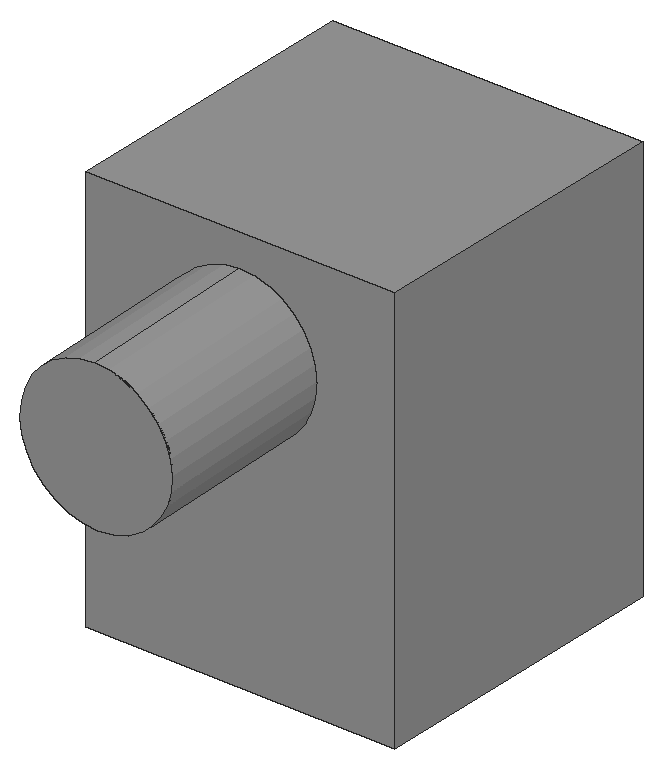
Revit family "RS550.60", category Sanitärinstallationen, Revit 2020
Family settings
  Bemaßung runder Anschluss = Durchmesser verwenden
  Teiletyp = Normal
  Arbeitsebenenbasiert = Nein
  Immer vertikal = Ja
  Beim Laden mit Abzugskörper schneiden = Nein
  Gemeinsam genutzt = Nein
  Raumberechnungspunkt = Nein
Parameters
  Übergangsbride [instance] = yes
  Zapfen RS518 [instance] = yes
  Vorgabe-Ansicht = 0 mm
  URL = "https://www.resitec.ch/"
  RS_s001 = 3 mm
  RS_dimH-mountplate [instance] = 10 mm
  RS_dimH-Rost [instance] = RS_Rost_h1 - 31 mm  # 69 mm
  RS_dim001 = 75 mm
  RS_dim002 = 125 mm
  RS_dim003 = RS_dim001 + 5 mm  # 80 mm
  RS_dia002 = 130 mm
  RS_dia001 = 114.3 mm
  RS_DVol-T = 300 mm
  RS_DVol-L = 300 mm
  RS_DN2 = 0 mm
  RS_DN1d [instance] = 63.5 mm
  RS_DN1 [instance] = 60 mm
  RS_AVol-T = 129 mm
  RS_AVol-L = 129 mm
  RS_AVol-H = 170 mm
  RS_URL = "https://www.resitec.ch/entwaesserungstechnik/"
  RS_Rost_h1 [instance] = 100 mm
  RS_Rost_Typ [instance] = "RS511.2.145"
  RS_Manufacture = "Resitec"  # constant formula
  RS_Description [instance] = "Bodenablauf aus rostfreiem Stahl 1.4404 (V4A)\r\ngebeizt, Typ RS 220/60 mit Schlitzrost barfuss\r\nbegehbar."
  RS_Articelnumber [instance] = "RD521.60"
  RS_Add_1 [instance] = ""
  RS641 Dichtung [instance] = yes
  Klebeblech mit Epoxidgrundierung = yes
  Hersteller = RS_Manufacture  # "Resitec"
  Description = ""
  Baugruppenkennzeichen = "D2030300"
  Anschlusswert DU L/s = 0
Reference planes
  plane 1 "Mitte (Vorne/hinten)": y = 0
  plane 2: z = 0
  plane 3 "Mitte (Links/rechts)": x = 0
  plane 4: z = 100
  plane 5: z = -170
  plane 6: z = 10
  plane 7: x = 150
  plane 8: y = 150
  plane 9: x = -150
  plane 10: y = -150
  plane 11: y = 64.5
  plane 12: x = 64.5
  plane 13: x = -64.5
  plane 14: y = -64.5
  plane 15: z = -45
  plane 16: y = -139.5
  plane 17: through (4267.2, -139.16, -57.991) normal (0, 0.9997, 0.0262)
  plane 18: z = 6
  plane 19: z = 86.968
  plane 20: z = 3
  plane 21: z = 69
Forms (mm)
  Extrusion 1, solid, material "Stahl, unlegiert"
    sketch origin (0, 0, 0) x (1, 0, 0) y (0, 1, 0)
      loop
        line (-64.5, 64.5) -> (-64.5, -64.5) -> (64.5, -64.5) -> (64.5, 64.5) -> (-64.5, 64.5)
    from -170 to 0
  Extrusion 2, solid, material "Stahl, unlegiert"
    sketch origin (4267.2, -139.461, -46.495) x (0, -0.026177, 0.999657) y (1, 0, 0)
      loop
        circle (-0.6, -4267.2) r 31.75
    from 0 to 80
Lines and regions (mm)
  reference lines
    curve 1: line (-60, 0, 0) -> (60, 0, 0)
    curve 2: line (0, 60, 0) -> (0, -60, 0)
    curve 3: line (-55.15, 0, 0) -> (55.15, 0, 0)
    curve 4: line (0, 55.15, 0) -> (0, -55.15, 0)
    curve 5: line (-70.5, 0, 0) -> (70.5, 0, 0)
    curve 6: line (0, -70.5, 0) -> (0, 70.5, 0)
Dimensions and locks
  "RS_Rost_h1": plane 4 to level
  "RS_AVol-H": level to plane 5
  "RS_dimH-mountplate": plane 6 to level
  equal spacing: plane 8, plane 1 "Mitte (Vorne/hinten)", plane 10
  equal spacing: plane 9, plane 3 "Mitte (Links/rechts)", plane 7
  "RS_DVol-T": plane 8 to plane 10
  "RS_DVol-L": plane 9 to plane 7
  equal spacing: plane 13, plane 3 "Mitte (Links/rechts)", plane 12
  "RS_AVol-L": plane 13 to plane 12
  equal spacing: plane 11, plane 1 "Mitte (Vorne/hinten)", plane 14
  "RS_AVol-T": plane 11 to plane 14
  plane 1 "Mitte (Vorne/hinten)" to Extrusion 1 = 64.5 mm
  "RS_dim001": plane 16 to plane 14
  "RS_dim002": plane 15 to plane 5
  "RS_dim003": Extrusion 2 to plane 17
  plane 4 to plane 19 = 13.032 mm
  locked: plane 4 to plane 19 at 13.032
  "RS_s001": plane 20 to level
  "RS_dimH-Rost": plane 21 to level
  "RS_DN1d": diameter of Extrusion 2 sketch curve
  angle plane 16 to plane 17 = 1.50°
  angle plane 17 to plane 10 = 1.50°
  aligned and locked: level to plane 2
  aligned and locked: Extrusion 1 sketch curve to plane 11
  aligned and locked: Extrusion 1 sketch curve to plane 12
  aligned and locked: plane 13 to Extrusion 1 sketch curve
  aligned and locked: plane 14 to Extrusion 1 sketch curve
  aligned and locked: Extrusion 1 to plane 5
  aligned and locked: level to Extrusion 1
  aligned and locked: plane 2 to Extrusion 1
Automatic sketch dimensions
  plane 1 "Mitte (Vorne/hinten)" to curve 5 = 0 mm
  plane 1 "Mitte (Vorne/hinten)" to curve 1 = 0 mm
  plane 1 "Mitte (Vorne/hinten)" to curve 3 = 0 mm
  curve 2 to plane 3 "Mitte (Links/rechts)" = 0 mm
  curve 6 to plane 3 "Mitte (Links/rechts)" = 0 mm
  curve 4 to plane 3 "Mitte (Links/rechts)" = 0 mm
  curve 3 to plane 3 "Mitte (Links/rechts)" = 55.15 mm
  curve 1 to curve 3 = 4.85 mm
  curve 5 to curve 1 = 10.5 mm
  plane 3 "Mitte (Links/rechts)" to curve 3 = 55.15 mm
  curve 3 to curve 1 = 4.85 mm
  curve 1 to curve 5 = 10.5 mm
  plane 1 "Mitte (Vorne/hinten)" to curve 4 = 55.15 mm
  curve 2 to curve 4 = 4.85 mm
  curve 6 to curve 2 = 10.5 mm
  curve 4 to plane 1 "Mitte (Vorne/hinten)" = 55.15 mm
  curve 4 to curve 2 = 4.85 mm
  curve 2 to curve 6 = 10.5 mm
  Extrusion 2 sketch curve to plane 3 "Mitte (Links/rechts)" = 0 mm
Connectors
  piping at (0, -139.445, -47.094), diameter 60, driven by "RS_DN1"
    settings: on Extrusion 2, index 1, connector inside diameter 609.6 mm, connector length 0 mm, flow factor 0, pipe flow 0.0 L/s, pressure drop 0.0 Pa, fitting loss kfactor 0, connector angle 0.00°, fixture units 0, engagement length 0 mm, angle of deflection 0.00°, flow configuration 0, flow direction 2, fitting loss method 0, system type 16, joint type 0, gender type 0, connector reference index -1, connector utility 0, adjustable connector no, is connector primary yes, connector description ""
